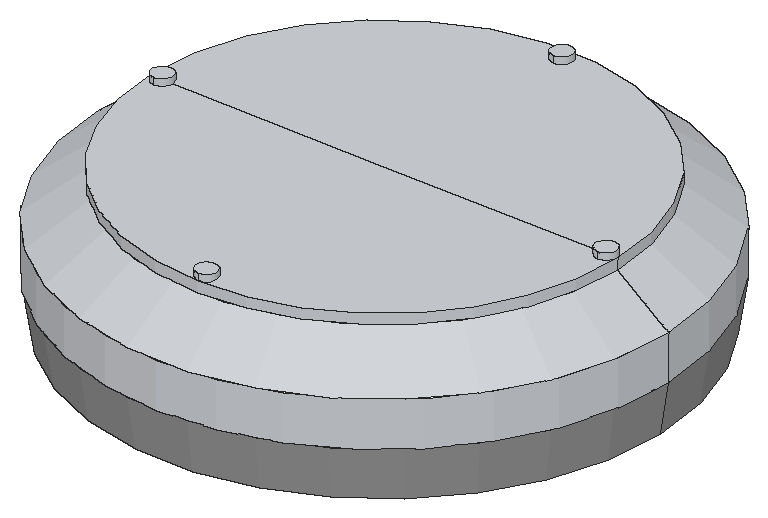
Revit family "A35-S280 BL 1100 HF 830_Unhosted", category Lighting Fixtures, Revit 2016
Family settings
  Part Type = Normal
  Round Connector Dimension = Use Diameter
  OmniClass Number = 23.80.70.00
  OmniClass Title = Lighting
  Work Plane-Based = No
  Always vertical = Yes
  Cut with Voids When Loaded = No
  Light Source = Yes
  Shared = No
  Room Calculation Point = No
Parameters
  Wiring Accessories = ""
  Wattage Comments = ""
  Wattage = 11 W
  VoltageMax = 240 V
  built-in parameter 1150110 = 1 (stored number, unit not read)
  Voltage = 220 V
  UpdateDate = "25.01.2021 10:33:20"
  URL UK = "http://glamox.com/uk/products/A35-S"
  URL Sweden = "http://glamox.com/se/produkter/A35-S/items/A35539482"
  URL Russia = "http://glamox.com/ru/products/A35-S/items/A35539482"
  URL Other = "http://glamox.com/gsx/products/A35-S/items/A35539482"
  URL Norway = "http://glamox.com/no/produkter/A35-S/items/A35539482"
  URL Ireland = "http://glamox.com/ie/products/A35-S"
  URL Germany = "http://glamox.com/de/products/A35-S/items/A35539482"
  URL Finland = "http://glamox.com/fi/products/A35-S"
  URL Estonia = "http://glamox.com/ee/products/A35-S"
  URL Denmark = "http://glamox.com/dk/produkter/A35-S/items/A35539482"
  URL = ""
  TypeOfEmergency = ""
  TypeOfBallast = "HF = High frequency"
  TotalWattage = 11 W
  Total Load = 11 W
  built-in parameter 1114217 = 1 (stored number, unit not read)
  Termination = "5x2x2,5 PI"
  Specification = "Architectural luminaries, in Aluminium, for Surface mounting, circular with diameter 280mm, IP54, light source LED, lumen out 1067lm, ballast type HF = High frequency, with light source type CRI>80, 3000K, optic type OP = Opal."
  Remark = ""
  RatedVoltage = 220 V
  PowerFactor = 98.00%
  Plug Type = ""
  Optic = "OP"
  NominalFrequencyRange = 50 Hz
  ModelReference = "A35-S"
  ModelLabel = "A35-S280 BL 1100 HF 830"
  Maximum TA = 25
  MaintenanceFactor = 0
  MFArtNo = "A35539482"
  LightFixturePlacingType = "CEILING"
  LightFixtureMountingType = "SURFACE"
  LampBase = ""
  Lamp Wattage Comments = ""
  IP_Code = "54"
  IPClass = "54"
  IK_Code = ""
  IFC Classification = "Light Fixture"
  GlobalTradeItemNumber = "4741145394826"
  Glamox Mounting = "Surface"
  Glamox Family = "A35-S"
  Glamox Category = "Architectural"
  FrequencyMax = 60 Hz
  Frequency = 50 Hz
  Expired = "0"
  ELNo Norway = ""
  ELNo Finland = ""
  EANNo = "4741145394826"
  DurationInBatteryMode = ""
  Distance2 = Radius * 0.78  # 109.2 mm
  Tilt Angle = 90.00°
  built-in parameter 1150109 = 1 (stored number, unit not read)
  built-in parameter 1150134 = (empty or 0)
  built-in parameter 1150113 = 1 (stored number, unit not read)
  Power Factor = 0.98
  Photometric Web File = "A35-S280-1100-830.ies"
  Number of Poles = 1
  LumDiameter = Diameter  # 280 mm
  Load Classification [instance] = Lighting
  Model = ""
  Manufacturer = "Glamox"
  Lumens = 1067 lm
  built-in parameter 1150115 = 1 (stored number, unit not read)
  built-in parameter 1150105 = 84.909 (stored number, unit not read)
  built-in parameter 1150137 = (empty or 0)
  built-in parameter 1150139 = (empty or 0)
  built-in parameter 1150112 = 1 (stored number, unit not read)
  built-in parameter 1150114 = 1 (stored number, unit not read)
  Lamp = "LED"
  built-in parameter 1150132 = 2
  built-in parameter 1150102 = (empty or 0)
  built-in parameter 1150138 = (empty or 0)
  built-in parameter 1150107 = 3000 (stored number, unit not read)
  built-in parameter 1150106 = 0.84909 (stored number, unit not read)
  Height = 81 mm
  Emit from Circle Diameter = LumDiameter  # 280 mm
  Emit Shape Visible in Rendering = yes
  built-in parameter 1150104 = 9.0116 (stored number, unit not read)
  Dimming Lamp Color Temperature Shift = Incandescent Lamp Curve
  Diameter = 280 mm
  Description = "A35-S280 BL 1100 HF 830"
  Cut Out = ""
  Completion = ""
  Color Filter = 16777215
  Radius = Diameter / 2  # 140 mm
  Body Material and Colour = Default
  built-in parameter 1114218 = 1 (stored number, unit not read)
  built-in parameter 1150133 = 10 (stored number, unit not read)
  Assembly Code = ""
  ArticleNumber = "A35539482"
  Apparent Load = Total Load / Power Factor  # 11.2245 VA
  #Ballast = 1
Reference planes
  plane 1 "Light Source Axis (F/B)": y = 292.909
  plane 2: z = 0
  plane 3 "Light Source Axis (L/R)": x = 0
  plane 4 "Light Source Elevation": z = -81
  plane 5: x = -136
  plane 6: z = -27
  plane 7: z = -8
  plane 8: x = -115
  plane 9: z = -3
  plane 10: y = -17.699
  plane 11: x = -140
  plane 12: z = -73
  plane 13: z = -49
  plane 14: y = 402.109
  plane 15: x = 109.2
  plane 16: y = 183.709
  plane 17: x = -109.2
Forms (mm)
  Extrusion 1, solid, not visible
    sketch origin (0, 0, 0) x (1, 0, 0) y (0, 1, 0)
      loop
        circle (67.5, 0) r 8
      loop
        circle (-33.75, 58.457) r 8
      loop
        circle (-33.75, -58.457) r 8
    from 0 to 2
  Revolve 2, solid, not visible
    sketch origin (0, 0, 0) x (1, 0, 0) y (0, 0, 1)
      loop
        line (-87.5, 2) -> (0, 2) -> (0, 30) -> (-107.5, 30)
        arc (-107.5, 30) -> (-102.36, 12.528) -> (-87.5, 2) r 27.766
      axis (0, 30) -> (0, 2)
    angle from 0 to 360
  Revolve 3, solid, not visible
    sketch origin (0, 0, 0) x (1, 0, 0) y (0, 0, 1)
      loop
        line (-107.5, 30) -> (0, 30) -> (0, 68)
        arc (0, 68) -> (-49.739, 64.357) -> (-97.5, 50) r 228.307
        arc (-97.5, 50) -> (-104.657, 41.079) -> (-107.5, 30) r 27.118
      axis (0, 68) -> (0, 30)
    angle from 0 to 360
  Revolve 4, solid
    sketch origin (0, 292.909, 0) x (1, 0, 0) y (0, 0, 1)
      loop
        line (0, -81) -> (0, -3) -> (-115, -3) -> (-115, -8) -> (-140, -27) -> (-140, -49) -> (-136, -73)
        arc (-136, -73) -> (-68.131, -79.222) -> (0, -81) r 1043.624
      axis (0, -3) -> (0, -81)
    angle from 0 to 360
  Extrusion 5, solid
    sketch origin (0, 0, -81) x (0, -1, 0) y (1, 0, 0)
      loop
        circle (-402.109, 0) r 5
      loop
        circle (-292.909, 109.2) r 5
      loop
        circle (-183.709, 0) r 5
      loop
        circle (-292.909, -109.2) r 5
    from 78 to 81
Lines and regions (mm)
  symbolic lines
    curve 1: arc (-140, 292.909, -81) -> (0, 432.909, -81) -> (140, 292.909, -81) r 140
    curve 2: arc (140, 292.909, -81) -> (0, 152.909, -81) -> (-140, 292.909, -81) r 140
    curve 3: line (0, 292.909, -81) -> (98.995, 391.904, -81)
    curve 4: line (0, 292.909, -81) -> (98.995, 193.914, -81)
    curve 5: line (0, 292.909, -81) -> (-98.995, 193.914, -81)
    curve 6: line (0, 292.909, -81) -> (-98.995, 391.904, -81)
Dimensions and locks
  "Radius": plane 3 "Light Source Axis (L/R)" to plane 11
  locked: plane 5 to plane 11 at 4
  locked: plane 8 to plane 11 at 25
  locked: plane 2 to plane 9 at 3
  locked: plane 9 to plane 7 at 5
  locked: plane 9 to plane 6 at 24
  locked: plane 6 to plane 13 at 22
  locked: plane 13 to plane 12 at 24
  "Height": plane 2 to plane 4 "Light Source Elevation"
  equal spacing: plane 14, plane 1 "Light Source Axis (F/B)", plane 16
  equal spacing: plane 17, plane 3 "Light Source Axis (L/R)", plane 15
  "Distance2": plane 1 "Light Source Axis (F/B)" to plane 14
  "Distance2": plane 3 "Light Source Axis (L/R)" to plane 15
  locked: plane 1 "Light Source Axis (F/B)" to curve 3 (angle 45.00°)
  locked: curve 4 to plane 1 "Light Source Axis (F/B)" (angle 45.00°)
  locked: curve 5 to curve 4 (angle 90.00°)
  locked: curve 3 to curve 6 (angle 90.00°)
  aligned and locked: plane 1 "Light Source Axis (F/B)" to imposter light
  aligned and locked: plane 4 "Light Source Elevation" to imposter light
  aligned and locked: Revolve 4 sketch curve to plane 9
  aligned and locked: plane 3 "Light Source Axis (L/R)" to Revolve 4 sketch curve
  aligned and locked: Revolve 4 sketch curve to plane 11
  aligned and locked: Revolve 4 sketch curve to plane 8
  aligned and locked: plane 6 to Revolve 4 sketch curve
  aligned and locked: plane 13 to Revolve 4 sketch curve
  aligned and locked: plane 12 to Revolve 4 sketch curve
  aligned and locked: plane 4 "Light Source Elevation" to Revolve 4 sketch curve
  aligned and locked: Revolve 4 sketch curve to plane 3 "Light Source Axis (L/R)"
  aligned and locked: plane 9 to Extrusion 5
  aligned and locked: plane 2 to Extrusion 5
  aligned and locked: curve 1 to Revolve 4
  aligned and locked: curve 2 to Revolve 4
Automatic sketch dimensions
  Revolve 4 sketch curve to plane 5 = 0 mm
  Revolve 4 sketch curve to plane 7 = 0 mm
  Revolve 4 sketch curve to plane 3 "Light Source Axis (L/R)" = 6.847 mm
  Revolve 4 sketch curve to Revolve 4 sketch curve = 190.696 mm
  Revolve 4 sketch curve to Revolve 4 sketch curve = 740.025 mm
  Extrusion 5 sketch curve to plane 3 "Light Source Axis (L/R)" = 0 mm  (x2)
  Extrusion 5 sketch curve to plane 14 = 0 mm
  plane 1 "Light Source Axis (F/B)" to Extrusion 5 sketch curve = 0 mm  (x2)
  plane 16 to Extrusion 5 sketch curve = 0 mm
  Extrusion 5 sketch curve to plane 17 = 0 mm
  Extrusion 5 sketch curve to plane 15 = 0 mm
  plane 1 "Light Source Axis (F/B)" to curve 3 = 0 mm
  curve 6 to plane 3 "Light Source Axis (L/R)" = 0 mm
  radius of Extrusion 5 sketch curve = 5 mm  (x4)
Connectors
  electrical at (0, 292.909, -3), driven by "Load Classification", driven by "Voltage", driven by "Apparent Load", driven by "Power Factor"
    settings: on Revolve 4, index 1, voltage 220 V, apparent load 0 VA, apparent load phase1 11.2245 VA, apparent load phase2 0 VA, apparent load phase3 0 VA, power factor 0.98, load classification "Lighting", number of poles 1, system type 31, power factor state 1, is connector primary yes, connector utility no, sub classification motor no, connector description ""
